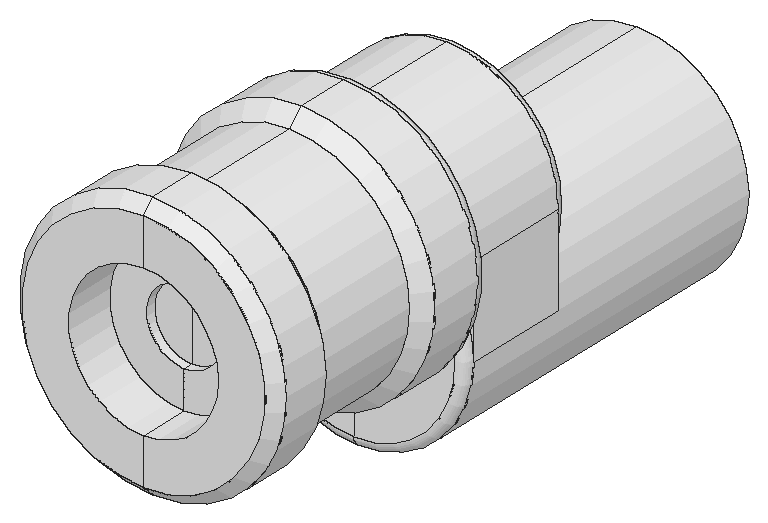
Revit family "PRD_FrankeWS_ShwrFttngsPckg_F3ScrewConnection_ACXX9001", category Specialty Equipment, Revit 2018
Family settings
  Round Connector Dimension = Use Diameter
  Part Type = Normal
  OmniClass Number = 23.45.05.14.99
  OmniClass Title = Other Sanitary Washing Plumbing Fixtures
  Work Plane-Based = No
  Always vertical = Yes
  Cut with Voids When Loaded = No
  Shared = No
  Room Calculation Point = No
Parameters (values of type "ACXX9001")
  WarrantyStartDate [instance] = "1900-12-31T23:59:59"
  WarrantyGuarantorParts = "n/a"
  WarrantyGuarantorLabor = "n/a"
  WarrantyDurationUnit = "year"
  WarrantyDurationParts = "n/a"
  WarrantyDurationLabor = "n/a"
  WarrantyDescription = "n/a"
  Version = "1"
  Uniclass2015Version = "Products v1.23"
  Uniclass2015Title = "Shower fittings package"
  Uniclass2015Code = "Pr_40_20_87_75"
  URL = "www.kwc.com"
  TypeOfExtension = "n/a"
  TailorMade = "n/a"
  TagNumber [instance] = "n/a"
  SustainabilityPerformance = "n/a"
  Status = "New"
  Size = "n/a"
  Shape = "n/a"
  SerialNumber [instance] = "n/a"
  Revision = "n/a"
  ReplacementCost = "n/a"
  Reference = "n/a"
  QuantityUom = "Pieces"
  Quantity = "2"
  ProductInformation = "https://pim.kwc.com/product/2030041416/attachment/datasheet?locale=en"
  ProductCode = "210.0588.896"
  NominalWidth = 0 mm
  NominalLength = 0 mm
  NominalHeight = 0 mm
  NominalDepth = 0 mm
  NetWeight = 0.21 kg
  Name = "F3 Screw connection ACXX9001"
  NBSTypeID = "n/a"
  NBSReference = "45-35-70/330"
  NBSOfficeMasterTag = "n/a"
  NBSNote = "n/a"
  NBSDescription = "Shower fittings package"
  NBSCertification = "n/a"
  ModelReference = "ACXX9001"
  ModelNumber = "2030041416"
  Model = ModelReference  # "ACXX9001"
  Material = "Brass"
  ManufacturerURL = "www.kwc.com"
  ManufacturerName = "KWC Group AG"  # constant formula
  Manufacturer = ManufacturerName  # "KWC Group AG"
  IntegralAccessories = "n/a"
  InstallationDate [instance] = "1900-12-31T23:59:59"
  IfcExportType = "USERDEFINED"
  IfcExportAs = "IfcSanitaryTerminalType"
  GrossWeight = 0.31 kg
  Grade = "n/a"
  Finish = "polished chromium-plated"
  Features = "polished chromium-plated brass"
  ExpectedLife = "n/a"
  DurationUnit = "year"
  Description = "Adjustable and lockable connection fitting DN 15, polished chromium-plated brass. Packing unit 2 pieces"
  CreatedOn = "04/2022"  # constant formula
  Constituents = "n/a"
  Color = "n/a"
  CodePerformance = "n/a"
  Category = "Pr_40_20_87_75, Shower fittings package"
  BodyMaterial = PRD_AR_ChromatedBrass_HighPolished
  BarCode [instance] = "n/a"
  BIMObjectName = "PRD_AR_ShowerFittingsPackage_F3ScrewConnection_ACXX9001"
  Author = "Archispace"  # constant formula
  AssetType = "Fixed"
  AssetIdentifier [instance] = "n/a"
  AccessibilityPerformance = "n/a"
Reference planes
  plane 1 "Center (Front/Back)": y = 0
  plane 2: z = 0
  plane 3 "Center (Left/Right)": x = 0
Forms (mm)
  Revolve 1, solid, material "PRD_AR_ChromatedBrass_HighPolished" <- "BodyMaterial", detail levels fine
    sketch origin (0, 0, 0) x (0, 1, 0) y (0, 0, 1)
      loop
        line (0, 0) -> (-35, 0) -> (-35, -10)
        arc (-35, -10) -> (-34.707, -10.707) -> (-34, -11) r 1
        line (-34, -11) -> (0, -11) -> (0, 0)
      axis (-35, 0) -> (0, 0)
    angle from 0 to 360
  Revolve 2, solid, material "PRD_AR_ChromatedBrass_HighPolished" <- "BodyMaterial", detail levels fine
    sketch origin (0, 0, 0) x (0, 1, 0) y (0, 0, 1)
      loop
        line (-55.05, 9) -> (-22.5, 9) -> (-22.5, 19)
        arc (-22.5, 19) -> (-22.793, 19.707) -> (-23.5, 20) r 1
        line (-23.5, 20) -> (-34, 20)
        arc (-34, 20) -> (-34.707, 20.293) -> (-35, 21) r 1
        arc (-35, 21) -> (-35.357, 21.863) -> (-36.22, 22.22) r 1.22
        line (-36.22, 22.22) -> (-41.5, 22.22) -> (-42.925, 20.795) -> (-53.625, 20.795) -> (-55.05, 22.22) -> (-59.83, 22.22) -> (-61, 21.05) -> (-61, 16.42) -> (-56, 16.42) -> (-56, 12.71) -> (-55.05, 12.71) -> (-55.05, 9)
      axis (-22.5, 9) -> (-61, 9)
    angle from 0 to 360
  Extrusion 3, solid, material "PRD_AR_ChromatedBrass_HighPolished" <- "BodyMaterial", detail levels fine
    sketch origin (0, 0, 0) x (1, 0, 0) y (0, 0, 1)
      loop
        line (0, 0) -> (11, 0) -> (11, 9) -> (-11, 9) -> (-11, 0) -> (0, 0)
    from 23.5 to 34
  Extrusion 4, solid, material "PRD_AR_ChromatedBrass_HighPolished" <- "BodyMaterial", detail levels coarse+medium
    sketch origin (0, 0, 0) x (0, 1, 0) y (0, 0, 1)
      loop
        line (0, -11) -> (0, 22.22) -> (-61, 22.22) -> (-61, -11) -> (0, -11)
    from 13.5 to -13.5
Cuts and joins
  joined: Revolve 1, Revolve 2, Extrusion 3
Dimensions and locks
  aligned and locked: level to plane 2
